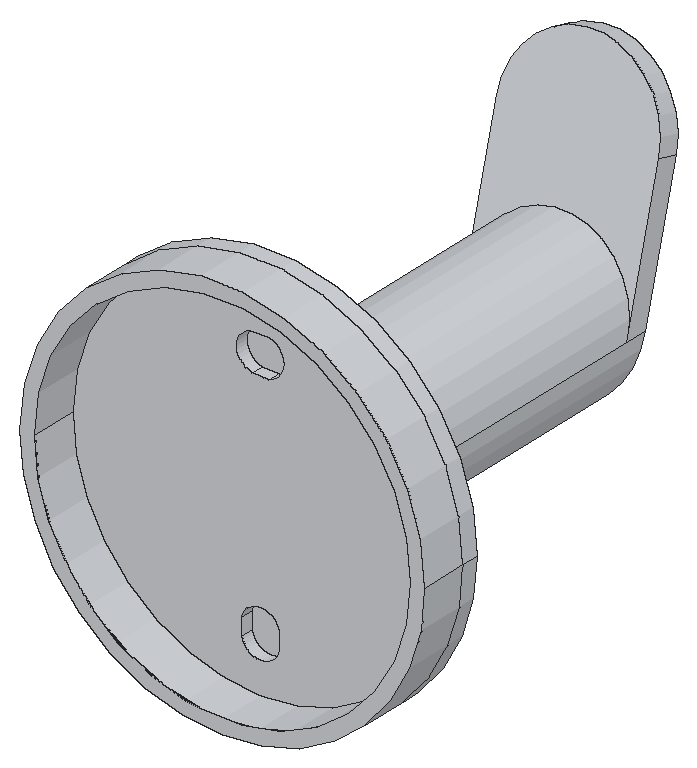
Revit family "AX7716_0018", category Appareils sanitaires, Revit 2016
Family settings
  Hôte = Mur
  Type d'élément = Normal
  Cote de connecteur circulaire = Utiliser le diamètre
  Numéro OmniClass = 23.75.00.00
  Titre OmniClass = Climate Control (HVAC)
  Toujours verticalement = Oui
  Couper avec des vides une fois chargée = Non
  Partagée = Non
  Point de calcul de pièce = Non
Parameters (values of type "Type 1")
  URL = "http://www.axeuro.com/fr/pateres-et-porte-manteaux/25255-patere-ax7716.html?search_query=ax7716&results=5"
  Modèle = "AX7716, AX7716P, AX7716W, AX7716-BRASS, AX7716-BRASS-P, AX7716-MBK"  # constant formula
  Fabricant = "Axeuro"  # constant formula
  Description = "Patère / Hook"  # constant formula
Reference planes
  plane 1 "Mur": y = 0
  plane 2 "Centre (gauche/droite)": x = 0
  plane 3 "Arrière": y = 75
Forms (mm)
  Extrusion 1, solid
    sketch origin (0, 75, 0) x (1, 0, 0) y (0, 0, 1)
      loop
        circle (0, 2025.159) r 10
    from -63.192 to -8
  Extrusion 2, solid
    sketch origin (0, 127.61, 2035.159) x (0, -0.260666, -0.965429) y (-1, 0, 0)
      loop
        line (36.281, -10) -> (36.281, 10) -> (18.127, 10) -> (-8.454, 10)
        arc (-8.454, 10) -> (-18.454, 0) -> (-8.454, -10) r 10
        line (-8.454, -10) -> (36.281, -10)
    from 0 to 2.672
  Extrusion 3, void
    sketch origin (0, 75, 0) x (1, 0, 0) y (0, 0, 1)
      loop
        arc (10, 2025.159) -> (0, 2035.159) -> (-10, 2025.159) r 10
        line (-10, 2025.159) -> (-15.882, 2025.159) -> (-15.882, 1995.159) -> (21.878, 1995.159) -> (20.831, 2025.159) -> (10, 2025.159)
    from -59.985 to -38
  Extrusion 4, void
    sketch origin (0, -1.39, 0) x (0, 1, 0) y (0, 0, 1)
      loop
        line (124.771, 2009.247) -> (158.475, 2009.247) -> (153.6, 2048.949) -> (135.491, 2048.949) -> (124.771, 2009.247)
    from -15.882 to 20
  Extrusion 5, solid
    sketch origin (10, 75, 0) x (1, 0, 0) y (0, 0, 1)
      loop
        circle (-10, 2025.159) r 25
      loop
        circle (-10, 2025.159) r 23.2
    from -8 to 0
  Extrusion 6, solid
    sketch origin (0, 75, 0) x (1, 0, 0) y (0, 0, 1)
      loop
        circle (0, 2025.159) r 25
    from -8 to -5.856
  Extrusion 7, void
    sketch origin (39.512, 0, -8.242) x (1, 0, 0) y (0, 0, 1)
      loop
        arc (-40.547, 2050.201) -> (-42.462, 2047.851) -> (-40.547, 2045.501) r 2.399
        line (-40.547, 2045.501) -> (-38.478, 2045.501)
        arc (-38.478, 2045.501) -> (-36.562, 2047.851) -> (-38.478, 2050.201) r 2.399
        line (-38.478, 2050.201) -> (-40.547, 2050.201)
    from -82.416 to -80.856
  Extrusion 8, void
    sketch origin (-2047.851, 0, 1969.265) x (0, 0, -1) y (1, 0, 0)
      loop
        arc (-40.547, 2050.201) -> (-42.462, 2047.851) -> (-40.547, 2045.501) r 2.399
        line (-40.547, 2045.501) -> (-38.478, 2045.501)
        arc (-38.478, 2045.501) -> (-36.562, 2047.851) -> (-38.478, 2050.201) r 2.399
        line (-38.478, 2050.201) -> (-40.547, 2050.201)
    from -82.416 to -80.856
Cuts and joins
  Extrusion 4 cuts Extrusion 1
  Extrusion 3, Extrusion 4 cuts Extrusion 2
  joined: Extrusion 1, Extrusion 2
  Extrusion 8 cuts Extrusion 5
  Extrusion 7, Extrusion 8 cuts Extrusion 6
  joined: Extrusion 5, Extrusion 6
Text (mm)
  text "Côté de la mise en place" at (-1820.995, 1116.779, 0), in view "Niveau de réf."
  text "Côté de la mise en place" at (0, 1334.055, 2976.191), in view "Gauche"
  text "Côté de la mise en place" at (0, 439.194, 2944.362), in view "Droite"
Dimensions and locks
  locked: plane 3 "Arrière" to host wall
  aligned and locked: plane 1 "Mur" to host wall
